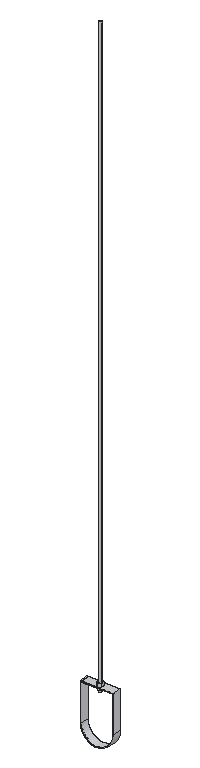
Revit family "Dynamo Clevis Hanger", category Generic Models, Revit 2017
Family settings
  Can host rebar = No
  Round Connector Dimension = Use Diameter
  Part Type = Normal
  Work Plane-Based = No
  Always vertical = Yes
  Cut with Voids When Loaded = No
  Shared = No
  Room Calculation Point = No
Parameters
  Unistrut length [instance] = 0' - 10.70469"
  Unistrut Depth [instance] = 0' - 1 5/8"
  Pipe Band Width [instance] = Outside Pipe Diameter + 0' 0 1/4"  # 0' - 6 1/4"
  Outside Pipe Diameter [instance] = 0' - 6"
  Hanger Width [instance] = 0' - 6.70469"
  Band Width [instance] = 0' - 1 1/2"
  Band Height [instance] = Outside Pipe Diameter / 1.5  # 0' - 4"
  Anchor Elevation [instance] = 10' - 0"
Reference planes (in)
  plane 1 "Center (Front/Back)": y = 0
  plane 2: z = 0
  plane 3 "Center (Left/Right)": x = 0
  plane 4: z = 120
  plane 5: y = -0.8125
  plane 6: y = 0.8125
  plane 7: x = 3
  plane 8: x = -3
  plane 9: z = -3
  plane 10: x = -3.125
  plane 11: x = 3.125
  plane 12: z = 7.125
  plane 13: z = 7
  plane 14: z = 6
  plane 15: z = 3
Forms (in)
  Extrusion 1, solid
    sketch origin (0, 0, 0) x (1, 0, 0) y (0, 1, 0)
      loop
        circle (0, 0) r 0.25
    from 6 to 120
  Extrusion 2, solid
    sketch origin (0, 0, 0) x (1, 0, 0) y (0, 0, 1)
      loop
        line (-3, 0) -> (-3.125, 0)
        arc (-3.125, 0) -> (0, -3.125) -> (3.125, 0) r 3.125
        line (3.125, 0) -> (3, 0)
        arc (3, 0) -> (0, -3) -> (-3, 0) r 3
    from -0.8125 to 0.8125
  Extrusion 3, solid
    sketch origin (0, 0, 0) x (1, 0, 0) y (0, 0, 1)
      loop
        line (-3.125, 7.125) -> (-3.125, 0) -> (-3, 0) -> (-3, 7) -> (3, 7) -> (3, 0) -> (3.125, 0) -> (3.125, 7.125) -> (-3.125, 7.125)
    from -0.8125 to 0.8125
  Extrusion 4, solid
    sketch origin (-7.92438, -180, 7.125) x (-1, 0, 0) y (0, -1, 0)
      loop
        line (-8.42438, -180.28868) -> (-7.92438, -180.57735) -> (-7.42438, -180.28868) -> (-7.42438, -179.71132) -> (-7.92438, -179.42265) -> (-8.42438, -179.71132) -> (-8.42438, -180.28868)
    from -0.125 to -0.625
  Extrusion 5, solid
    sketch origin (-7.92438, -180, 7.125) x (-1, 0, 0) y (0, -1, 0)
      loop
        line (-8.42438, -180.28868) -> (-7.92438, -180.57735) -> (-7.42438, -180.28868) -> (-7.42438, -179.71132) -> (-7.92438, -179.42265) -> (-8.42438, -179.71132) -> (-8.42438, -180.28868)
    from 0 to 0.5
Dimensions and locks (in)
  locked: plane 6 to plane 5 at 1.625
  equal spacing: plane 7, plane 3 "Center (Left/Right)", plane 8
  "Outside Pipe Diameter": plane 7 to plane 8
  locked: plane 11 to plane 7 at 0.125
  locked: plane 8 to plane 10 at 0.125
  "Anchor Elevation": plane 4 to level
  equal spacing: plane 5, plane 1 "Center (Front/Back)", plane 6, locked at 0.8125 each
  locked: plane 12 to plane 13 at 0.125
  locked: plane 13 to plane 14 at 1
  locked: plane 3 "Center (Left/Right)" to Extrusion 4 at 0.5
  locked: Extrusion 4 to plane 3 "Center (Left/Right)" at 0.5
  equal spacing: plane 15, level, plane 9
  "Outside Pipe Diameter": plane 15 to plane 9
  "Band Height": plane 13 to plane 15
  "Outside Pipe Diameter": diameter of Extrusion 2 sketch curve
  "Pipe Band Width": diameter of Extrusion 2 sketch curve
  aligned and locked: plane 2 to level
  aligned and locked: level to Extrusion 3 sketch curve  (x2)
  aligned and locked: Extrusion 3 sketch curve to plane 8
  aligned and locked: plane 10 to Extrusion 3 sketch curve
  aligned and locked: Extrusion 3 sketch curve to plane 12
  aligned and locked: Extrusion 3 sketch curve to plane 13
  aligned and locked: plane 7 to Extrusion 3 sketch curve
  aligned and locked: Extrusion 3 sketch curve to plane 11
  aligned and locked: Extrusion 1 to plane 4
  aligned and locked: plane 14 to Extrusion 1
  aligned and locked: Extrusion 3 to plane 6
  aligned and locked: Extrusion 2 to plane 6
  aligned and locked: plane 5 to Extrusion 3
  aligned and locked: plane 5 to Extrusion 2
Automatic sketch dimensions
  plane 1 "Center (Front/Back)" to Extrusion 1 sketch curve = 0' - 0"
  Extrusion 1 sketch curve to plane 3 "Center (Left/Right)" = 0' - 0"
  Extrusion 4 sketch curve to plane 3 "Center (Left/Right)" = 0' - 0"  (x2)
  plane 3 "Center (Left/Right)" to Extrusion 4 sketch curve = 0' - 0 1/2"
  Extrusion 4 sketch curve to plane 3 "Center (Left/Right)" = 0' - 0 1/2"
  plane 6 to Extrusion 4 sketch curve = 0' - 0.23515"
  Extrusion 4 sketch curve to plane 1 "Center (Front/Back)" = 0' - 0.28868"  (x2)
  plane 1 "Center (Front/Back)" to Extrusion 4 sketch curve = 0' - 0.28868"  (x2)
  Extrusion 4 sketch curve to plane 5 = 0' - 0.23515"
  Extrusion 5 sketch curve to plane 3 "Center (Left/Right)" = 0' - 0"  (x2)
  plane 3 "Center (Left/Right)" to Extrusion 5 sketch curve = 0' - 0 1/2"
  Extrusion 5 sketch curve to plane 3 "Center (Left/Right)" = 0' - 0 1/2"
  plane 6 to Extrusion 5 sketch curve = 0' - 0.23515"
  Extrusion 5 sketch curve to plane 1 "Center (Front/Back)" = 0' - 0.28868"  (x2)
  plane 1 "Center (Front/Back)" to Extrusion 5 sketch curve = 0' - 0.28868"  (x2)
  Extrusion 5 sketch curve to plane 5 = 0' - 0.23515"
  Extrusion 2 sketch curve to Extrusion 2 sketch curve = 0' - 0"
  Extrusion 2 sketch curve to level = 0' - 0"
  Extrusion 2 sketch curve to plane 10 = 0' - 0"
  radius of Extrusion 1 sketch curve = 0' - 0 1/4"
